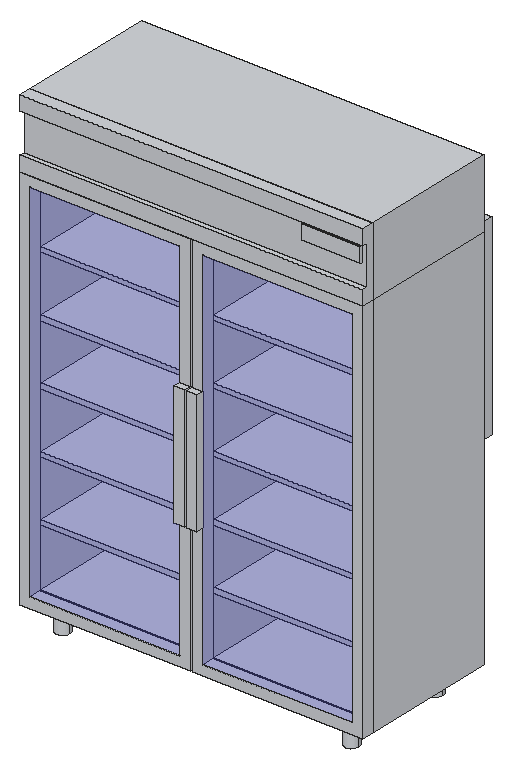
Revit family "Холодильные шкафы со стеклянными дверьми POLAIR Standard без канапе", category Оборудование, Revit 2020
Family settings
  Размер круглого соединителя = Использовать диаметр
  Классификация = Нет
  Тип детали = Нормальный
  На основе рабочей плоскости = Нет
  Всегда вертикально = Да
  При загрузке вырезать с полостями = Нет
  Общий = Нет
  Точка расчета площади = Нет
Parameters (values of type "DM110-S без канапе")
  Ширина = 1402 mm
  Цена, руб. = "61 600"
  Хладагент = "R134a"
  Условия окр. среды (темп./вл-сть,%) = "до +32/до 60"
  Тип охлаждения = "динамический"
  Тип оттайки = "автомат. с системой исп. конденсата"
  Терморегулятор = "эл.  блок"
  Система электропитания В/Гц = "230/50"
  Расход электроэнергии за сутки, кВт/ч = "7"
  Расположение агрегата = "верхнее"
  Размеры в упаковке, мм = "1490х744х2125"
  Размер полки, мм = "595*455"
  Потребляемая мощность, Вт, не более = "550"
  Подсветка = "LED, вертикальная"
  Отметка по умолчанию = 0 mm
  Объем, л. = "1000"
  Корпус = yes
  Кол-во полок = "8"
  Клапан Шредера = "+"
  Замок = ""
  Допустимая нагрузка на полку, кг = "40"
  Диап. рабочих температур = "+1....+10"
  Глубина = 710 mm
  Габаритные размеры, мм = "1402х710х1960"
  Высота = 1960 mm
  Вес нетто, кг = "176"
  Вес брутто, кг = "206"
  2 дверь S = yes
  2 Корпус = yes
  1 дверь S = yes
Types (5, lengths in mm): name | Ширина | Цена, руб. | Расход электроэнергии за сутки, кВт/ч | Размеры в упаковке, мм | Размер полки, мм | Потребляемая мощность, Вт, не более | Объем, л. | Кол-во полок | Замок | Глубина | Габаритные размеры, мм | Вес нетто, кг | Вес брутто, кг | 2 дверь S | 2 Корпус
  (no name) | 1402 | "61 600" | "7" | "1490х744х2125" | "595*455" | "550" | "1000" | "8" | "" | 710 | "1402х710х1960" | "176" | "206" | yes | yes
  DM105-S без канапе | 697 | "40 990" | "4" | "790х744х2125" | "595*455" | "350" | "500" | "4" | "опция" | 710 | "697х710х1960" | "105" | "124" | no | no
  DM110-S без канапе | 1402 | "61 600" | "7" | "1490х744х2125" | "595*455" | "550" | "1000" | "8" | "" | 710 | "1402х710х1960" | "176" | "206" | yes | yes
  DM107-S без канапе | 697 | "45 500" | "5.5" | "790х744х2125" | "530*650" | "400" | "500" | "4" | "опция" | 945 | "697х945х1960" | "105" | "124" | no | no
  DM114-S без канапе | 1402 | "66 700" | "8" | "1490х988х2125" | "530*650" | "600" | "1400" | "8" | "" | 945 | "1402х945х1960" | "205" | "235" | yes | yes
Reference planes
  plane 1 "По центру (Вперед/Назад)": y = 0
  plane 2: z = 0
  plane 3 "По центру (Влево/Вправо)": x = 0
  plane 4: x = -701
  plane 5: x = 701
  plane 6: y = -710
  plane 7: y = -90
  plane 8: y = -659
  plane 9: x = -658
  plane 10: x = 658
  plane 11: y = -133
  plane 12: z = 1960
  plane 13: z = 1678
  plane 14: z = 92
  plane 15: z = 1635
  plane 16: z = 135
  plane 17: z = 1385
  plane 18: z = 885
  plane 19: z = 1135
  plane 20: z = 635
  plane 21: z = 385
  plane 22: y = -740
  plane 23: x = 4
  plane 24: x = 47
  plane 25: z = 635
  plane 26: z = 1135
  plane 27: z = 878
  plane 28: x = 201
  plane 29: x = -591
  plane 30: y = -630
  plane 31: y = -200
  plane 32: x = 591
  plane 33: x = -47
  plane 34: x = -4
  plane 35: x = -661.966
  plane 36: x = -4
Forms (mm)
  Extrusion 1, solid, visible <- "Корпус"
    sketch origin (0, 0, 0) x (1, 0, 0) y (0, 0, 1)
      loop
        line (4, 1678) -> (4, 92) -> (701, 92) -> (701, 1678) -> (4, 1678)
    from 90 to 659
  Extrusion 2, void
    sketch origin (0, 0, 0) x (1, 0, 0) y (0, 0, 1)
      loop
        line (47, 1635) -> (47, 135) -> (658, 135) -> (658, 1635) -> (47, 1635)
    from 133 to 659
  Extrusion 3, solid, visible <- "1 дверь S"
    sketch origin (0, 0, 0) x (1, 0, 0) y (0, 0, 1)
      loop
        line (4, 1678) -> (4, 92) -> (701, 92) -> (701, 1678) -> (4, 1678)
      loop
        line (47, 1635) -> (47, 135) -> (658, 135) -> (658, 1635) -> (47, 1635)
    from 659 to 710
  Extrusion 4, solid, material "Стекло", visible <- "1 дверь S"
    sketch origin (0, 0, 0) x (1, 0, 0) y (0, 0, 1)
      loop
        line (47, 1635) -> (47, 135) -> (658, 135) -> (658, 1635) -> (47, 1635)
    from 659 to 710
  Extrusion 5, solid, visible <- "1 дверь S", detail levels medium+fine
    sketch origin (0, 0, 0) x (1, 0, 0) y (0, 1, 0)
      loop
        line (47, -710) -> (4, -710) -> (4, -740) -> (47, -740) -> (47, -710)
    from 635 to 1135
  Extrusion 6, solid, visible <- "Корпус", detail levels medium+fine
    sketch origin (0, 0, 0) x (1, 0, 0) y (0, 0, 1)
      loop
        line (47, 395) -> (47, 375) -> (658, 375) -> (658, 395) -> (47, 395)
    from 133 to 659
  Extrusion 7, solid, visible <- "Корпус", detail levels medium+fine
    sketch origin (0, 0, 0) x (1, 0, 0) y (0, 0, 1)
      loop
        line (47, 645) -> (47, 625) -> (658, 625) -> (658, 645) -> (47, 645)
    from 133 to 659
  Extrusion 8, solid, visible <- "Корпус", detail levels medium+fine
    sketch origin (0, 0, 0) x (1, 0, 0) y (0, 0, 1)
      loop
        line (47, 895) -> (47, 875) -> (658, 875) -> (658, 895) -> (47, 895)
    from 133 to 659
  Extrusion 9, solid, visible <- "Корпус", detail levels medium+fine
    sketch origin (0, 0, 0) x (1, 0, 0) y (0, 0, 1)
      loop
        line (47, 1145) -> (47, 1125) -> (658, 1125) -> (658, 1145) -> (47, 1145)
    from 133 to 659
  Extrusion 10, solid, visible <- "Корпус", detail levels medium+fine
    sketch origin (0, 0, 0) x (1, 0, 0) y (0, 0, 1)
      loop
        line (47, 1395) -> (47, 1375) -> (658, 1375) -> (658, 1395) -> (47, 1395)
    from 133 to 659
  Extrusion 11, solid, visible <- "Корпус"
    sketch origin (0, 0, 0) x (1, 0, 0) y (0, 0, 1)
      loop
        line (-701, 1960) -> (-701, 1678) -> (701, 1678) -> (701, 1960) -> (-701, 1960)
    from 90 to 659
  Extrusion 12, solid, visible <- "Корпус"
    sketch origin (0, 0, 0) x (0, 1, 0) y (0, 0, 1)
      loop
        line (-710, 1960) -> (-710, 1900) -> (-689, 1900) -> (-689, 1738) -> (-710, 1738) -> (-710, 1678) -> (-659, 1678) -> (-659, 1960) -> (-710, 1960)
    from -701 to 701
  Extrusion 13, solid, visible <- "Корпус"
    sketch origin (0, 0, 0) x (1, 0, 0) y (0, 1, 0)
      loop
        line (201, 0) -> (201, -90) -> (658, -90) -> (658, 0) -> (201, 0)
    from 878 to 1678
  Extrusion 14, solid
    sketch origin (0, 0, 0) x (1, 0, 0) y (0, 1, 0)
      loop
        circle (-591, -200) r 30
    from 0 to 92
  Extrusion 15, solid
    sketch origin (0, 0, 0) x (1, 0, 0) y (0, 1, 0)
      loop
        circle (-591, -630) r 30
    from 0 to 92
  Extrusion 16, solid
    sketch origin (0, 0, 0) x (1, 0, 0) y (0, 1, 0)
      loop
        circle (591, -200) r 30
    from 0 to 92
  Extrusion 17, solid
    sketch origin (0, 0, 0) x (1, 0, 0) y (0, 1, 0)
      loop
        circle (591, -630) r 30
    from 0 to 92
  Extrusion 18, solid, visible <- "2 Корпус"
    sketch origin (1066.519, 0, 21.8) x (1, 0, 0) y (0, 0, 1)
      loop
        line (-1767.519, 1656.2) -> (-1767.519, 70.2) -> (-1062.519, 70.2) -> (-1062.519, 1656.2) -> (-1767.519, 1656.2)
    from 90 to 659
  Extrusion 19, void
    sketch origin (1066.519, 0, 21.8) x (1, 0, 0) y (0, 0, 1)
      loop
        line (-1728.486, 1613.2) -> (-1728.486, 113.2) -> (-1062.519, 113.2) -> (-1062.519, 1613.2) -> (-1728.486, 1613.2)
    from 133 to 659
  Extrusion 20, solid, visible <- "2 Корпус", detail levels medium+fine
    sketch origin (0, 0, 0) x (1, 0, 0) y (0, 0, 1)
      loop
        line (-658, 1145) -> (-658, 1125) -> (-47, 1125) -> (-47, 1145) -> (-658, 1145)
    from 133 to 659
  Extrusion 21, solid, visible <- "2 Корпус", detail levels medium+fine
    sketch origin (0, 0, 0) x (1, 0, 0) y (0, 0, 1)
      loop
        line (-658, 395) -> (-658, 375) -> (-47, 375) -> (-47, 395) -> (-658, 395)
    from 133 to 659
  Extrusion 22, solid, visible <- "2 Корпус", detail levels medium+fine
    sketch origin (0, 0, 0) x (1, 0, 0) y (0, 0, 1)
      loop
        line (-658, 645) -> (-658, 625) -> (-47, 625) -> (-47, 645) -> (-658, 645)
    from 133 to 659
  Extrusion 23, solid, visible <- "2 Корпус", detail levels medium+fine
    sketch origin (0, 0, 0) x (1, 0, 0) y (0, 0, 1)
      loop
        line (-658, 895) -> (-658, 875) -> (-47, 875) -> (-47, 895) -> (-658, 895)
    from 133 to 659
  Extrusion 24, solid, visible <- "2 Корпус", detail levels medium+fine
    sketch origin (0, 0, 0) x (1, 0, 0) y (0, 0, 1)
      loop
        line (-658, 1395) -> (-658, 1375) -> (-47, 1375) -> (-47, 1395) -> (-658, 1395)
    from 133 to 659
  Extrusion 25, solid, visible <- "2 дверь S"
    sketch origin (0, 0, 0) x (1, 0, 0) y (0, 0, 1)
      loop
        line (-701, 1678) -> (-701, 92) -> (-4, 92) -> (-4, 1678) -> (-701, 1678)
      loop
        line (-661.966, 1635) -> (-661.966, 135) -> (-47, 135) -> (-47, 1635) -> (-661.966, 1635)
    from 659 to 710
  Extrusion 26, solid, material "Стекло", visible <- "2 дверь S"
    sketch origin (0, 0, 0) x (1, 0, 0) y (0, 0, 1)
      loop
        line (-661.966, 1635) -> (-661.966, 135) -> (-47, 135) -> (-47, 1635) -> (-661.966, 1635)
    from 659 to 710
  Extrusion 27, solid, visible <- "2 дверь S", detail levels medium+fine
    sketch origin (0, 0, -32.039) x (1, 0, 0) y (0, 0, 1)
      loop
        line (-47, 1167.039) -> (-47, 667.039) -> (-4, 667.039) -> (-4, 1167.039) -> (-47, 1167.039)
    from 710 to 740
  Extrusion 28, solid, detail levels medium+fine
    sketch origin (0, 0, 56.295) x (1, 0, 0) y (0, 0, 1)
      loop
        line (437.841, 1823.705) -> (437.841, 1763.705) -> (677.841, 1763.705) -> (677.841, 1823.705) -> (437.841, 1823.705)
    from 689 to 696.248
Cuts and joins
  Extrusion 2, Extrusion 19 cuts Extrusion 1
  Extrusion 19 cuts Extrusion 4
  Extrusion 19 cuts Extrusion 6
  Extrusion 19 cuts Extrusion 7
  Extrusion 19 cuts Extrusion 8
  Extrusion 19 cuts Extrusion 9
  Extrusion 19 cuts Extrusion 10
  Extrusion 19 cuts Extrusion 18
Dimensions and locks
  equal spacing: plane 4, plane 3 "По центру (Влево/Вправо)", plane 5
  "Ширина": plane 4 to plane 5
  "Глубина": plane 6 to plane 1 "По центру (Вперед/Назад)"
  locked: plane 1 "По центру (Вперед/Назад)" to plane 7 at 90
  plane 7 to plane 8 = 569 mm
  locked: plane 8 to plane 6 at 51
  locked: plane 7 to plane 11 at 43
  locked: plane 4 to plane 9 at 43
  locked: plane 10 to plane 5 at 43
  "Высота": plane 12 to plane 2
  locked: plane 12 to plane 13 at 282
  plane 13 to plane 14 = 1586 mm
  locked: plane 14 to plane 2 at 92
  locked: plane 13 to plane 15 at 43
  locked: plane 16 to plane 14 at 43
  equal spacing: plane 15, plane 17, plane 19, plane 18, plane 20, plane 21, plane 16
  locked: plane 6 to plane 22 at 30
  Extrusion 5 to plane 3 "По центру (Влево/Вправо)" = 47 mm
  locked: plane 5 to plane 23 at 697
  locked: plane 24 to plane 23 at 43
  equal spacing: Extrusion 6 sketch curve, plane 21, Extrusion 6 sketch curve, locked at 10 each
  equal spacing: Extrusion 7 sketch curve, plane 20, Extrusion 7 sketch curve, locked at 10 each
  equal spacing: Extrusion 8 sketch curve, plane 18, Extrusion 8 sketch curve, locked at 10 each
  equal spacing: Extrusion 9 sketch curve, plane 19, Extrusion 9 sketch curve, locked at 10 each
  equal spacing: Extrusion 10 sketch curve, plane 17, Extrusion 10 sketch curve, locked at 10 each
  plane 26 to plane 18 to plane 25 = 250 mm locked, 250 mm locked
  locked: plane 13 to plane 27 at 800
  locked: plane 28 to plane 5 at 500
  locked: plane 32 to plane 5 at 110
  locked: plane 4 to plane 29 at 110
  locked: plane 7 to plane 31 at 110
  locked: plane 30 to plane 22 at 110
  equal spacing: Extrusion 20 sketch curve, plane 19, Extrusion 20 sketch curve, locked at 10 each
  equal spacing: Extrusion 21 sketch curve, plane 21, Extrusion 21 sketch curve, locked at 10 each
  equal spacing: Extrusion 22 sketch curve, plane 20, Extrusion 22 sketch curve, locked at 10 each
  equal spacing: Extrusion 23 sketch curve, plane 18, Extrusion 23 sketch curve, locked at 10 each
  equal spacing: Extrusion 24 sketch curve, plane 17, Extrusion 24 sketch curve, locked at 10 each
  locked: plane 34 to plane 4 at 697
  locked: plane 34 to plane 33 at 43
  locked: plane 36 to plane 35 at 657.966
  locked: plane 24 to plane 36 at 51
  locked: Extrusion 27 sketch curve to Extrusion 26 at 43
  Extrusion 27 to plane 18 to Extrusion 27 = 250 mm locked, 250 mm locked
  locked: Extrusion 12 sketch curve to Extrusion 12 sketch curve at 60
  locked: Extrusion 12 sketch curve to Extrusion 25 at 60
  locked: Extrusion 12 sketch curve to Extrusion 12 sketch curve at 162
  locked: Extrusion 11 to Extrusion 12 sketch curve at 30
  locked: Extrusion 28 sketch curve to Extrusion 28 sketch curve at 60
  locked: Extrusion 28 sketch curve to Extrusion 28 sketch curve at 240
  locked: plane 12 to Extrusion 28 at 140
  locked: Extrusion 28 to Extrusion 12 at 7.248
  aligned and locked: level to plane 2
  aligned and locked: plane 14 to Extrusion 1 sketch curve
  aligned and locked: Extrusion 1 sketch curve to plane 13
  aligned and locked: Extrusion 1 sketch curve to plane 5
  aligned and locked: plane 7 to Extrusion 1
  aligned and locked: Extrusion 1 to plane 8
  aligned and locked: Extrusion 2 sketch curve to plane 15
  aligned and locked: Extrusion 2 sketch curve to plane 16
  aligned and locked: Extrusion 2 sketch curve to plane 10
  aligned and locked: Extrusion 2 to plane 11
  aligned and locked: Extrusion 2 to plane 8
  aligned and locked: Extrusion 3 sketch curve to cut or joined group of Extrusion 1, Extrusion 2, Extrusion 19  (x3)
  aligned and locked: Extrusion 3 to plane 6
  aligned and locked: plane 8 to Extrusion 3
  aligned and locked: Extrusion 3 sketch curve to plane 15
  aligned and locked: Extrusion 3 sketch curve to plane 10
  aligned and locked: Extrusion 3 sketch curve to plane 16
  aligned and locked: Extrusion 4 sketch curve to plane 15
  aligned and locked: Extrusion 4 sketch curve to plane 16
  aligned and locked: Extrusion 4 sketch curve to plane 10
  aligned and locked: Extrusion 4 to plane 6
  aligned and locked: Extrusion 3 to Extrusion 5 sketch curve
  aligned and locked: plane 22 to Extrusion 5 sketch curve
  aligned and locked: plane 24 to Extrusion 4 sketch curve
  aligned and locked: plane 24 to Extrusion 3 sketch curve
  aligned and locked: plane 23 to Extrusion 3 sketch curve
  aligned and locked: plane 24 to Extrusion 5 sketch curve
  aligned and locked: Extrusion 5 sketch curve to plane 23
  aligned and locked: plane 8 to Extrusion 4
  aligned and locked: Extrusion 6 to plane 8
  aligned and locked: Extrusion 6 to plane 11
  aligned and locked: Extrusion 6 sketch curve to plane 10
  aligned and locked: plane 24 to Extrusion 6 sketch curve
  aligned and locked: plane 24 to Extrusion 2 sketch curve
  aligned and locked: plane 23 to Extrusion 1 sketch curve
  aligned and locked: plane 24 to Extrusion 7 sketch curve
  aligned and locked: Extrusion 7 sketch curve to plane 10
  aligned and locked: Extrusion 7 to plane 8
  aligned and locked: Extrusion 7 to plane 11
  aligned and locked: plane 24 to Extrusion 8 sketch curve
  aligned and locked: Extrusion 8 sketch curve to plane 10
  aligned and locked: Extrusion 8 to plane 8
  aligned and locked: Extrusion 8 to plane 11
  aligned and locked: plane 24 to Extrusion 9 sketch curve
  aligned and locked: Extrusion 9 sketch curve to plane 10
  aligned and locked: Extrusion 9 to plane 8
  aligned and locked: Extrusion 9 to plane 11
  aligned and locked: plane 24 to Extrusion 10 sketch curve
  aligned and locked: Extrusion 10 sketch curve to plane 10
  aligned and locked: Extrusion 10 to plane 8
  aligned and locked: Extrusion 10 to plane 11
  aligned and locked: Extrusion 11 sketch curve to plane 12
  aligned and locked: Extrusion 11 sketch curve to cut or joined group of Extrusion 1, Extrusion 2, Extrusion 19  (x2)
  aligned and locked: Extrusion 11 to plane 8
  aligned and locked: plane 7 to Extrusion 11
  aligned and locked: Extrusion 11 sketch curve to plane 4
  aligned and locked: Extrusion 12 sketch curve to plane 13
  aligned and locked: plane 8 to Extrusion 12 sketch curve
  aligned and locked: Extrusion 12 to plane 4
  aligned and locked: plane 5 to Extrusion 12
  aligned and locked: Extrusion 5 to plane 26
  aligned and locked: plane 25 to Extrusion 5
  aligned and locked: Extrusion 13 sketch curve to plane 10
  aligned and locked: plane 13 to Extrusion 13
  aligned and locked: Extrusion 13 to plane 27
  aligned and locked: Extrusion 13 to plane 28
  aligned and locked: plane 14 to Extrusion 14
  aligned and locked: Extrusion 14 to level
  aligned and locked: plane 14 to Extrusion 15
  aligned and locked: Extrusion 15 to level
  aligned and locked: plane 14 to Extrusion 16
  aligned and locked: Extrusion 16 to level
  aligned and locked: plane 14 to Extrusion 17
  aligned and locked: Extrusion 17 to level
  aligned and locked: plane 14 to Extrusion 18 sketch curve
  aligned and locked: Extrusion 18 sketch curve to plane 13
  aligned and locked: plane 16 to Extrusion 19 sketch curve
  aligned and locked: plane 9 to Extrusion 20 sketch curve
  aligned and locked: Extrusion 20 to plane 8
  aligned and locked: plane 11 to Extrusion 20
  aligned and locked: plane 9 to Extrusion 21 sketch curve
  aligned and locked: Extrusion 21 to plane 8
  aligned and locked: plane 11 to Extrusion 21
  aligned and locked: plane 9 to Extrusion 22 sketch curve
  aligned and locked: Extrusion 22 to plane 8
  aligned and locked: plane 11 to Extrusion 22
  aligned and locked: plane 9 to Extrusion 23 sketch curve
  aligned and locked: Extrusion 23 to plane 8
  aligned and locked: plane 11 to Extrusion 23
  aligned and locked: plane 9 to Extrusion 24 sketch curve
  aligned and locked: Extrusion 24 to plane 8
  aligned and locked: plane 11 to Extrusion 24
  aligned and locked: Extrusion 25 sketch curve to Extrusion 11
  aligned and locked: Extrusion 25 sketch curve to cut or joined group of Extrusion 18, Extrusion 19  (x3)
  aligned and locked: Extrusion 25 sketch curve to plane 34
  aligned and locked: Extrusion 25 to plane 6
  aligned and locked: plane 8 to Extrusion 25
  aligned and locked: plane 14 to Extrusion 25 sketch curve
  aligned and locked: plane 16 to Extrusion 25 sketch curve
  aligned and locked: Extrusion 25 sketch curve to plane 33
  aligned and locked: Extrusion 26 sketch curve to cut or joined group of Extrusion 18, Extrusion 19  (x2)
  aligned and locked: Extrusion 26 sketch curve to Extrusion 25  (x2)
  aligned and locked: Extrusion 26 to plane 6
  aligned and locked: plane 8 to Extrusion 26
  aligned and locked: Extrusion 19 sketch curve to plane 35
  aligned and locked: Extrusion 26 to Extrusion 27 sketch curve
  aligned and locked: plane 6 to Extrusion 27
  aligned and locked: Extrusion 27 to plane 22
  aligned and locked: Extrusion 20 sketch curve to plane 33
  aligned and locked: Extrusion 23 sketch curve to plane 33
  aligned and locked: Extrusion 22 sketch curve to plane 33
  aligned and locked: Extrusion 21 sketch curve to plane 33
  aligned and locked: Extrusion 24 sketch curve to plane 33
  aligned and locked: Extrusion 28 to Extrusion 12
  aligned and locked: Extrusion 19 sketch curve to plane 23
  aligned and locked: Extrusion 18 to plane 8
  aligned and locked: Extrusion 19 to plane 8
Automatic sketch dimensions
  Extrusion 6 sketch curve to plane 21 = 10 mm
  Extrusion 7 sketch curve to plane 20 = 10 mm
  Extrusion 8 sketch curve to plane 18 = 10 mm
  Extrusion 9 sketch curve to plane 19 = 10 mm
  Extrusion 10 sketch curve to plane 17 = 10 mm
  Extrusion 14 sketch curve to plane 29 = 0 mm
  Extrusion 14 sketch curve to plane 31 = 0 mm
  Extrusion 15 sketch curve to plane 29 = 0 mm
  Extrusion 15 sketch curve to plane 30 = 0 mm
  Extrusion 16 sketch curve to plane 31 = 0 mm
  Extrusion 16 sketch curve to plane 32 = 0 mm
  Extrusion 17 sketch curve to plane 30 = 0 mm
  Extrusion 17 sketch curve to plane 32 = 0 mm
  Extrusion 13 sketch curve to plane 7 = 0 mm
  Extrusion 13 sketch curve to plane 28 = 0 mm
  plane 1 "По центру (Вперед/Назад)" to Extrusion 13 sketch curve = 0 mm
  Extrusion 18 sketch curve to plane 5 = 1402 mm
  Extrusion 18 sketch curve to Extrusion 18 sketch curve = 705 mm
  Extrusion 20 sketch curve to plane 19 = 10 mm
  Extrusion 21 sketch curve to plane 21 = 10 mm
  Extrusion 22 sketch curve to plane 20 = 10 mm
  Extrusion 23 sketch curve to plane 18 = 10 mm
  Extrusion 24 sketch curve to plane 17 = 10 mm
  Extrusion 19 sketch curve to plane 15 = 0 mm
  plane 20 to Extrusion 27 sketch curve = 0 mm
  Extrusion 27 sketch curve to plane 19 = 0 mm
  Extrusion 12 sketch curve to plane 6 = 0 mm  (x2)
  plane 10 to Extrusion 28 sketch curve = 19.841 mm
  plane 13 to Extrusion 28 sketch curve = 142 mm
  radius of Extrusion 14 sketch curve = 30 mm
  radius of Extrusion 15 sketch curve = 30 mm
  radius of Extrusion 16 sketch curve = 30 mm
  radius of Extrusion 17 sketch curve = 30 mm
